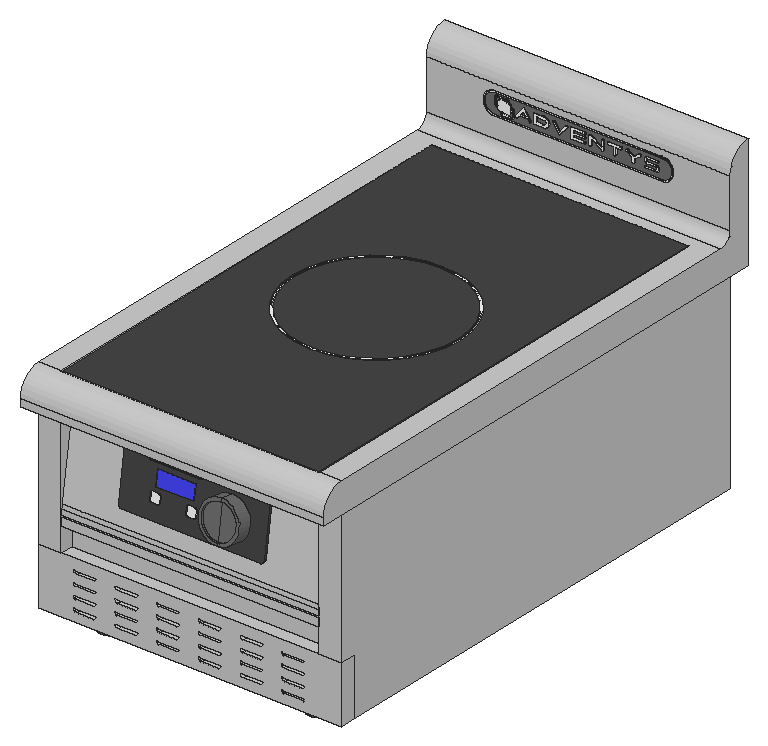
Revit family "QF_ADVENTYS_SK1I_3600_250903103104", category Specialty Equipment, Revit 2021
Family settings
  Round Connector Dimension = Use Diameter
  Part Type = Normal
  OmniClass Number = 23.40.40.14
  OmniClass Title = Food Service Equipment
  Work Plane-Based = No
  Always vertical = Yes
  Cut with Voids When Loaded = No
  Shared = No
  Room Calculation Point = No
Parameters (values of type "ADV2183")
  Weight in Pounds [instance] = 0
  Weight = 24.00 kg
  Warranty Start Date [instance] = ""
  Warranty Duration [instance] = ""
  Volts [instance] = 400 V
  URL Recommended Spares List = ""
  URL Manufacturer = ""
  URL Cutsheet = ""
  URL Critical Spares List = ""
  URL = "www.adventys.com"
  Tag Number [instance] = ""
  Status [instance] = ""
  Specification by User [instance] = ""
  Specification by Manufacturer [instance] = ""
  Sound Level [instance] = ""
  Solid Fuel Type [instance] = ""
  Service Life Duration [instance] = ""
  Serial Number [instance] = ""
  Seismic Rating [instance] = ""
  SMACNA No [instance] = ""
  Revision Code [instance] = ""
  Revision [instance] = ""
  Production Year [instance] = ""
  Point Load [instance] = 0
  Phase [instance] = 3
  Other Equipment Approvals [instance] = ""
  Number of Poles [instance] = 3
  NAFEM Spec ID Number [instance] = ""
  Model Warning [instance] = ""
  Model = "SK1I 3600"
  Min Ckt Ampacity [instance] = 0 A
  Max Overcurrent Protection [instance] = 10 A
  Masterspec [instance] = ""
  Manufacturer = "ADVENTYS"
  Length Actual = 400 mm
  Item Number [instance] = ""
  Installed By [instance] = ""
  Installation Date [instance] = ""
  Identify Quantity as Lot [instance] = no
  ID [instance] = ""
  Hygiene Approval [instance] = ""
  Hot Water Consumption = 0.0 L/s
  Height Actual = 310 mm
  HP power [instance] = ""
  Furnished By [instance] = ""
  Foodservice Equipment Identifier [instance] = no
  FL Amps [instance] = 5 A
  Electrical Remarks [instance] = "Plug not included"
  Electric power [instance] = 0 W
  Electric Connection Type [instance] = "Cord&Plug"
  Elec Conn RI Height [instance] = 0 mm
  Elec Conn Connection Height [instance] = 0 mm
  ETL Approved [instance] = no
  Description = "INDUCTION MODULE 1 ZONE"
  Depth Actual = 700 mm
  Default Elevation = 0 mm
  Cycle [instance] = 50 Hz
  Cost = 0
  Conn Plug [instance] = ""
  Conn Conduit [instance] = no
  CSI MasterFormat [instance] = ""
  CE Approved [instance] = no
  Barcode [instance] = 0
  Author [instance] = ""
  Asset Identifier [instance] = ""
  Apparent Power [instance] = 3600 VA
  Accessory = no
Reference planes
  plane 1 "Center (Front/Back)": y = 0
  plane 2: z = 0
  plane 3 "Center (Left/Right)": x = 0
Forms (mm)
  Extrusion 1, solid, not visible
    sketch origin (200.01, -32.002, 50.002) x (1, 0, 0) y (0, 1, 0)
      loop
        line (-2, 2) -> (-2, -2) -> (2, -2) -> (2, 2) -> (-2, 2)
    from -2 to 2
Dimensions and locks
  locked: Extrusion 1 to nested 2
  locked: nested 2 to Extrusion 1 at 2
  aligned and locked: level to plane 2
Nested families
  nested 1: "QF_ADVENTYS_ADV2183_2916" at (0, 0, 0), type "ADV2183"
    with Status "", Show Logo yes, Show Clearance yes
  nested 2: "CONN_POINT_ELE_2D___Generic_Annotation" at (200.01, -30.001, 50.002), type "CONN_POINT_ELE_2D___Generic_Annotation"
    with Onboard connection annotation symbol visibility yes
Connectors
  electrical at (200.01, -30.001, 50.002), driven by "Apparent Power", driven by "Number of Poles", driven by "Volts"
    settings: on Extrusion 1, index 1, voltage 400 V, apparent load 0 VA, apparent load phase1 3600 VA, apparent load phase2 0 VA, apparent load phase3 0 VA, power factor 1, load classification "Other", number of poles 3, system type 31, power factor state 1, is connector primary yes, connector utility no, sub classification motor no, connector description "Electrical connection for SK1I 3600"
Definition of nested family "QF_ADVENTYS_ADV2183_2916"
  Parameters (values of type "ADV2183")
    URL = "www.adventys.com"
    Status [instance] = ""
    Show Logo [instance] = yes
    Show Clearance [instance] = yes
    Model = "SK1I 3600"
    Manufacturer = "ADVENTYS"
    Description = "INDUCTION MODULE 1 ZONE"
    Default Elevation = 0 mm
    Author = "SPECIFI"
    Assembly Code = "E1090320"
  Reference planes
    plane 1 "Back": y = 0
    plane 2: z = 0
    plane 3 "Left": x = 0
    plane 4 "Right": x = 400
    plane 5 "Front": y = -700
    plane 6 "Top": z = 310
  Forms (mm)
    Extrusion 1, solid
      sketch origin (0, -550, -8.601) x (0, 1, 0) y (0, 0, 1)
        loop
          line (-150, 278.601) -> (550, 278.601) -> (550, 428.601)
          arc (550, 428.601) -> (528.787, 419.815) -> (520, 398.601) r 30
          line (520, 398.601) -> (520, 333.601)
          arc (520, 333.601) -> (515.607, 322.995) -> (505, 318.601) r 15
          line (505, 318.601) -> (-120, 318.601)
          arc (-120, 318.601) -> (-141.213, 309.815) -> (-150, 288.601) r 30
          line (-150, 288.601) -> (-150, 278.601)
      from 0 to 400
    Extrusion 2, solid, visible <- "Show Logo"
      sketch origin (66.717, 146.57, 781.431) x (1, 0, 0) y (0, 0, 1)
        loop
          arc (26.945, -405.612) -> (25.297, -406.294) -> (24.615, -407.942) r 2.329
          line (24.615, -407.942) -> (24.615, -413.701)
          arc (24.615, -413.701) -> (25.333, -415.383) -> (27.044, -416.028) r 2.329
          line (27.044, -416.028) -> (27.044, -411.667)
          arc (27.044, -411.667) -> (28.249, -409.269) -> (30.753, -408.302) r 3.727
          line (30.753, -408.302) -> (40.699, -408.302)
          arc (40.699, -408.302) -> (40.168, -406.427) -> (38.398, -405.612) r 2.329
          line (38.398, -405.612) -> (26.945, -405.612)
        loop
          arc (26.945, -404.215) -> (24.309, -405.306) -> (23.218, -407.942) r 3.727
          line (23.218, -407.942) -> (23.218, -413.701)
          arc (23.218, -413.701) -> (24.345, -416.371) -> (27.044, -417.427) r 3.727
          arc (27.044, -417.427) -> (27.999, -420.299) -> (30.77, -421.516) r 3.727
          arc (30.77, -421.516) -> (31.85, -424.173) -> (34.497, -425.277) r 3.727
          line (34.497, -425.277) -> (45.04, -425.277)
          arc (45.04, -425.277) -> (47.676, -424.185) -> (48.767, -421.55) r 3.727
          line (48.767, -421.55) -> (48.767, -416.154)
          arc (48.767, -416.154) -> (47.662, -413.505) -> (45.002, -412.427) r 3.727
          arc (45.002, -412.427) -> (44.322, -409.853) -> (42.098, -408.389) r 3.727
          arc (42.098, -408.389) -> (41.187, -405.47) -> (38.398, -404.215) r 3.727
          line (38.398, -404.215) -> (26.945, -404.215)
        loop
          arc (45.04, -423.879) -> (46.687, -423.197) -> (47.37, -421.55) r 2.329
          line (47.37, -421.55) -> (47.37, -416.154)
          arc (47.37, -416.154) -> (46.681, -414.501) -> (45.023, -413.825) r 2.329
          line (45.023, -413.825) -> (45.023, -417.789)
          arc (45.023, -417.789) -> (43.932, -420.424) -> (41.297, -421.516) r 3.727
          line (41.297, -421.516) -> (32.168, -421.516)
          arc (32.168, -421.516) -> (32.838, -423.185) -> (34.497, -423.879) r 2.329
          line (34.497, -423.879) -> (45.04, -423.879)
        loop
          arc (51.474, -419.149) -> (51.62, -421.006) -> (53.482, -420.957) r 1.353
          line (53.482, -420.957) -> (56.052, -418.386) -> (66.256, -418.386) -> (68.827, -420.957)
          arc (68.827, -420.957) -> (70.688, -421.006) -> (70.834, -419.149) r 1.353
          line (70.834, -419.149) -> (61.154, -407.195) -> (51.474, -419.149)
        loop
          line (61.154, -412) -> (57.878, -416.046) -> (64.43, -416.046) -> (61.154, -412)
        loop
          line (75.318, -407.422) -> (75.318, -421.177) -> (88.277, -421.177)
          arc (88.277, -421.177) -> (95.155, -414.299) -> (88.277, -407.422) r 6.877
          line (88.277, -407.422) -> (75.318, -407.422)
        loop
          line (88.277, -411.041) -> (78.937, -411.041) -> (78.937, -417.558) -> (88.277, -417.558)
          arc (88.277, -417.558) -> (91.536, -414.299) -> (88.277, -411.041) r 3.259
        loop
          arc (101.821, -408.219) -> (99.959, -408.171) -> (99.813, -410.027) r 1.353
          line (99.813, -410.027) -> (109.493, -421.981) -> (119.174, -410.027)
          arc (119.174, -410.027) -> (119.028, -408.171) -> (117.166, -408.219) r 1.353
          line (117.166, -408.219) -> (109.493, -417.694) -> (101.821, -408.219)
        loop
          line (142.076, -407.26) -> (123.764, -407.26) -> (123.764, -421.177) -> (142.076, -421.177)
          arc (142.076, -421.177) -> (143.489, -419.764) -> (142.076, -418.35) r 1.413
          line (142.076, -418.35) -> (126.938, -418.35) -> (126.938, -415.564) -> (142.076, -415.564)
          arc (142.076, -415.564) -> (143.355, -414.285) -> (142.076, -413.006) r 1.279
          line (142.076, -413.006) -> (126.938, -413.006) -> (126.938, -410.087) -> (142.076, -410.087)
          arc (142.076, -410.087) -> (143.489, -408.673) -> (142.076, -407.26) r 1.413
        loop
          line (147.746, -409.199) -> (147.746, -419.562)
          arc (147.746, -419.562) -> (149.249, -421.066) -> (150.753, -419.562) r 1.504
          line (150.753, -419.562) -> (150.753, -411.984) -> (164.154, -420.358)
          arc (164.154, -420.358) -> (166.328, -420.415) -> (167.432, -418.542) r 2.142
          line (167.432, -418.542) -> (167.432, -408.927)
          arc (167.432, -408.927) -> (165.846, -407.341) -> (164.26, -408.927) r 1.586
          line (164.26, -408.927) -> (164.26, -416.262) -> (150.507, -407.668)
          arc (150.507, -407.668) -> (148.676, -407.62) -> (147.746, -409.199) r 1.805
        loop
          arc (173.786, -407.529) -> (172.045, -409.271) -> (173.786, -411.012) r 1.741
          line (173.786, -411.012) -> (180.099, -411.012) -> (180.099, -418.888)
          arc (180.099, -418.888) -> (181.773, -420.563) -> (183.448, -418.888) r 1.675
          line (183.448, -418.888) -> (183.448, -411.012) -> (189.463, -411.012)
          arc (189.463, -411.012) -> (191.205, -409.271) -> (189.463, -407.529) r 1.741
          line (189.463, -407.529) -> (173.786, -407.529)
        loop
          line (206.15, -412.172) -> (199.243, -407.513)
          arc (199.243, -407.513) -> (196.903, -407.967) -> (197.358, -410.307) r 1.685
          line (197.358, -410.307) -> (204.265, -414.966) -> (204.265, -418.978)
          arc (204.265, -418.978) -> (206.15, -420.863) -> (208.035, -418.978) r 1.885
          line (208.035, -418.978) -> (208.035, -414.966) -> (214.942, -410.307)
          arc (214.942, -410.307) -> (215.397, -407.967) -> (213.057, -407.513) r 1.685
          line (213.057, -407.513) -> (206.15, -412.172)
        loop
          line (237.989, -407.529) -> (224.935, -407.529)
          arc (224.935, -407.529) -> (220.943, -411.522) -> (224.935, -415.515) r 3.993
          line (224.935, -415.515) -> (235.702, -415.515)
          arc (235.702, -415.515) -> (237.157, -416.969) -> (235.702, -418.424) r 1.455
          line (235.702, -418.424) -> (222.585, -418.424)
          arc (222.585, -418.424) -> (221.382, -419.627) -> (222.585, -420.83) r 1.203
          line (222.585, -420.83) -> (236.992, -420.83)
          arc (236.992, -420.83) -> (239.726, -416.462) -> (235.818, -413.103) r 3.953
          line (235.818, -413.103) -> (224.727, -413.103)
          arc (224.727, -413.103) -> (223.143, -411.519) -> (224.727, -409.936) r 1.584
          line (224.727, -409.936) -> (237.989, -409.936)
          arc (237.989, -409.936) -> (239.192, -408.732) -> (237.989, -407.529) r 1.203
        loop
          arc (22.934, -401.559) -> (9.66, -414.832) -> (22.934, -428.106) r 13.274
          line (22.934, -428.106) -> (243.631, -428.106)
          arc (243.631, -428.106) -> (256.905, -414.832) -> (243.631, -401.559) r 13.274
          line (243.631, -401.559) -> (22.934, -401.559)
        loop
          arc (22.934, -400.181) -> (8.283, -414.832) -> (22.934, -429.484) r 14.651
          line (22.934, -429.484) -> (243.631, -429.484)
          arc (243.631, -429.484) -> (258.283, -414.832) -> (243.631, -400.181) r 14.651
          line (243.631, -400.181) -> (22.934, -400.181)
      from 176.77 to 176.97
    Extrusion 3, solid, visible <- "Show Logo"
      sketch origin (66.717, -30.4, 781.431) x (1, 0, 0) y (0, 0, 1)
        loop
          arc (243.631, -429.484) -> (258.283, -414.832) -> (243.631, -400.181) r 14.651
          line (243.631, -400.181) -> (22.934, -400.181)
          arc (22.934, -400.181) -> (8.283, -414.832) -> (22.934, -429.484) r 14.651
          line (22.934, -429.484) -> (243.631, -429.484)
      from -0.2 to -0.4
    Extrusion 4, solid
      sketch origin (0, 0, 137.109) x (1, 0, 0) y (0, 1, 0)
        loop
          line (30, -670) -> (370, -670) -> (370, -60) -> (30, -60) -> (30, -670)
        loop
          circle (200, -363.107) r 110
        loop
          circle (200, -363.107) r 107.317
      from 167.891 to 172.891
    Extrusion 5, void
      sketch origin (0, 0, 0) x (1, 0, 0) y (0, 1, 0)
        loop
          line (370, -60) -> (30, -60) -> (30, -670) -> (370, -670) -> (370, -60)
      from 270 to 310
    Extrusion 6, solid
      sketch origin (0, -550, -8.601) x (0, -1, 0) y (0, 0, 1)
        loop
          line (-520, 278.601) -> (-520, 28.601) -> (100, 28.601) -> (100, 103.601) -> (120, 103.601) -> (120, 278.601) -> (-520, 278.601)
      from 0 to -30
    Extrusion 7, solid
      sketch origin (0, 0, 104) x (1, 0, 0) y (0, 1, 0)
        loop
          circle (200, -363.107) r 107.317
        loop
          circle (200, -363.107) r 110
      from 201 to 206
    Extrusion 8, solid
      sketch origin (370, -550, -8.601) x (0, -1, 0) y (0, 0, 1)
        loop
          line (-520, 278.601) -> (-520, 28.601) -> (100, 28.601) -> (100, 103.601) -> (120, 103.601) -> (120, 278.601) -> (-520, 278.601)
      from 0 to -30
    Extrusion 9, solid
      sketch origin (0, -550, 44.054) x (0, -1, 0) y (0, 0, 1)
        loop
          line (120, 93.601) -> (100, 93.601) -> (100, 50.946) -> (102, 50.946) -> (102, 91.579) -> (118, 91.579) -> (118, 83.601) -> (120, 83.601) -> (120, 93.601)
      from -370 to -30
    Extrusion 10, solid
      sketch origin (0, -550, -8.601) x (0, -1, 0) y (0, 0, 1)
        loop
          line (120, 148.757) -> (120, 155.573)
          arc (120, 155.573) -> (119.875, 158.747) -> (119.502, 161.902) r 40.459
          line (119.502, 161.902) -> (101.019, 278.601) -> (-520, 278.601) -> (-520, 28.601) -> (100, 28.601) -> (100, 148.757) -> (120, 148.757)
      from -370 to -30
    Extrusion 11, solid
      sketch origin (45, -464.968, 530.558) x (1, 0, 0) y (0, 0.156434, 0.987688)
        loop
          arc (246, -384.032) -> (249.536, -382.568) -> (251, -379.032) r 5
          line (251, -379.032) -> (251, -312.032)
          arc (251, -312.032) -> (249.536, -308.496) -> (246, -307.032) r 5
          line (246, -307.032) -> (64, -307.032)
          arc (64, -307.032) -> (60.464, -308.496) -> (59, -312.032) r 5
          line (59, -312.032) -> (59, -379.032)
          arc (59, -379.032) -> (60.464, -382.568) -> (64, -384.032) r 5
          line (64, -384.032) -> (246, -384.032)
        loop
          line (103.227, -325.532) -> (103.227, -345.532) -> (153.227, -345.532) -> (153.227, -325.532) -> (103.227, -325.532)
        loop
          arc (148.058, -351.749) -> (146.281, -352.485) -> (145.545, -354.262) r 2.513
          line (145.545, -354.262) -> (145.545, -361.802)
          arc (145.545, -361.802) -> (146.281, -363.579) -> (148.058, -364.315) r 2.513
          line (148.058, -364.315) -> (156.103, -364.315)
          arc (156.103, -364.315) -> (157.88, -363.579) -> (158.616, -361.802) r 2.513
          line (158.616, -361.802) -> (158.616, -354.262)
          arc (158.616, -354.262) -> (157.88, -352.485) -> (156.103, -351.749) r 2.513
          line (156.103, -351.749) -> (148.058, -351.749)
        loop
          line (108.395, -351.749) -> (100.35, -351.749)
          arc (100.35, -351.749) -> (98.573, -352.485) -> (97.837, -354.262) r 2.513
          line (97.837, -354.262) -> (97.837, -361.802)
          arc (97.837, -361.802) -> (98.573, -363.579) -> (100.35, -364.315) r 2.513
          line (100.35, -364.315) -> (108.395, -364.315)
          arc (108.395, -364.315) -> (110.172, -363.579) -> (110.909, -361.802) r 2.513
          line (110.909, -361.802) -> (110.909, -354.262)
          arc (110.909, -354.262) -> (110.172, -352.485) -> (108.395, -351.749) r 2.513
      from 143 to 145
    Extrusion 12, solid
      sketch origin (45, -464.968, 530.558) x (1, 0, 0) y (0, 0.156434, 0.987688)
        loop
          line (108.395, -351.749) -> (100.35, -351.749)
          arc (100.35, -351.749) -> (98.573, -352.485) -> (97.837, -354.262) r 2.513
          line (97.837, -354.262) -> (97.837, -361.802)
          arc (97.837, -361.802) -> (98.573, -363.579) -> (100.35, -364.315) r 2.513
          line (100.35, -364.315) -> (108.395, -364.315)
          arc (108.395, -364.315) -> (110.172, -363.579) -> (110.909, -361.802) r 2.513
          line (110.909, -361.802) -> (110.909, -354.262)
          arc (110.909, -354.262) -> (110.172, -352.485) -> (108.395, -351.749) r 2.513
        loop
          line (156.103, -351.749) -> (148.058, -351.749)
          arc (148.058, -351.749) -> (146.281, -352.485) -> (145.545, -354.262) r 2.513
          line (145.545, -354.262) -> (145.545, -361.802)
          arc (145.545, -361.802) -> (146.281, -363.579) -> (148.058, -364.315) r 2.513
          line (148.058, -364.315) -> (156.103, -364.315)
          arc (156.103, -364.315) -> (157.88, -363.579) -> (158.616, -361.802) r 2.513
          line (158.616, -361.802) -> (158.616, -354.262)
          arc (158.616, -354.262) -> (157.88, -352.485) -> (156.103, -351.749) r 2.513
      from 143 to 145
    Extrusion 13, solid
      sketch origin (65, -465.906, 524.632) x (1, 0, 0) y (0, 0.156434, 0.987688)
        loop
          line (83.227, -319.532) -> (83.227, -339.532) -> (133.227, -339.532) -> (133.227, -319.532) -> (83.227, -319.532)
      from 143 to 145
    Revolve 14, solid
      sketch origin (250, -468.414, 359.459) x (0, 0.156434, 0.987688) y (0, -0.987688, 0.156434)
        loop
          line (-176, 168.362) -> (-160.729, 168.362) -> (-160.729, 173.362) -> (-149.125, 173.362) -> (-149.125, 191.544) -> (-153.125, 191.544) -> (-153.125, 189.544) -> (-176, 189.544) -> (-176, 168.362)
        axis (-176, 191.544) -> (-176, 168.362)
      angle from 0 to 360
    Extrusion 15, solid
      sketch origin (2.404, -670, 20) x (1, 0, 0) y (0, 0, 1)
        loop
          line (-2.404, 75) -> (-2.404, 0) -> (397.596, 0) -> (397.596, 75) -> (-2.404, 75)
        loop
          arc (43.912, 61.172) -> (44.726, 58.129) -> (47.581, 56.797) r 3.726
          line (47.581, 56.797) -> (70.579, 56.797)
          arc (70.579, 56.797) -> (73.434, 58.129) -> (74.248, 61.172) r 3.726
          line (74.248, 61.172) -> (43.912, 61.172)
        loop
          arc (98.912, 61.172) -> (99.726, 58.129) -> (102.581, 56.797) r 3.726
          line (102.581, 56.797) -> (125.579, 56.797)
          arc (125.579, 56.797) -> (128.434, 58.129) -> (129.248, 61.172) r 3.726
          line (129.248, 61.172) -> (98.912, 61.172)
        loop
          arc (153.912, 61.172) -> (154.726, 58.129) -> (157.581, 56.797) r 3.726
          line (157.581, 56.797) -> (180.579, 56.797)
          arc (180.579, 56.797) -> (183.434, 58.129) -> (184.248, 61.172) r 3.726
          line (184.248, 61.172) -> (153.912, 61.172)
        loop
          arc (208.912, 61.172) -> (209.726, 58.129) -> (212.581, 56.797) r 3.726
          line (212.581, 56.797) -> (235.579, 56.797)
          arc (235.579, 56.797) -> (238.434, 58.129) -> (239.248, 61.172) r 3.726
          line (239.248, 61.172) -> (208.912, 61.172)
        loop
          arc (263.912, 61.172) -> (264.726, 58.129) -> (267.581, 56.797) r 3.726
          line (267.581, 56.797) -> (290.579, 56.797)
          arc (290.579, 56.797) -> (293.434, 58.129) -> (294.248, 61.172) r 3.726
          line (294.248, 61.172) -> (263.912, 61.172)
        loop
          arc (318.912, 61.172) -> (319.726, 58.129) -> (322.581, 56.797) r 3.726
          line (322.581, 56.797) -> (345.579, 56.797)
          arc (345.579, 56.797) -> (348.434, 58.129) -> (349.248, 61.172) r 3.726
          line (349.248, 61.172) -> (318.912, 61.172)
        loop
          arc (43.912, 46.172) -> (44.726, 43.129) -> (47.581, 41.797) r 3.726
          line (47.581, 41.797) -> (70.579, 41.797)
          arc (70.579, 41.797) -> (73.434, 43.129) -> (74.248, 46.172) r 3.726
          line (74.248, 46.172) -> (43.912, 46.172)
        loop
          arc (98.912, 46.172) -> (99.726, 43.129) -> (102.581, 41.797) r 3.726
          line (102.581, 41.797) -> (125.579, 41.797)
          arc (125.579, 41.797) -> (128.434, 43.129) -> (129.248, 46.172) r 3.726
          line (129.248, 46.172) -> (98.912, 46.172)
        loop
          arc (153.912, 46.172) -> (154.726, 43.129) -> (157.581, 41.797) r 3.726
          line (157.581, 41.797) -> (180.579, 41.797)
          arc (180.579, 41.797) -> (183.434, 43.129) -> (184.248, 46.172) r 3.726
          line (184.248, 46.172) -> (153.912, 46.172)
        loop
          arc (208.912, 46.172) -> (209.726, 43.129) -> (212.581, 41.797) r 3.726
          line (212.581, 41.797) -> (235.579, 41.797)
          arc (235.579, 41.797) -> (238.434, 43.129) -> (239.248, 46.172) r 3.726
          line (239.248, 46.172) -> (208.912, 46.172)
        loop
          arc (263.912, 46.172) -> (264.726, 43.129) -> (267.581, 41.797) r 3.726
          line (267.581, 41.797) -> (290.579, 41.797)
          arc (290.579, 41.797) -> (293.434, 43.129) -> (294.248, 46.172) r 3.726
          line (294.248, 46.172) -> (263.912, 46.172)
        loop
          arc (318.912, 46.172) -> (319.726, 43.129) -> (322.581, 41.797) r 3.726
          line (322.581, 41.797) -> (345.579, 41.797)
          arc (345.579, 41.797) -> (348.434, 43.129) -> (349.248, 46.172) r 3.726
          line (349.248, 46.172) -> (318.912, 46.172)
        loop
          arc (43.912, 31.172) -> (44.726, 28.129) -> (47.581, 26.797) r 3.726
          line (47.581, 26.797) -> (70.579, 26.797)
          arc (70.579, 26.797) -> (73.434, 28.129) -> (74.248, 31.172) r 3.726
          line (74.248, 31.172) -> (43.912, 31.172)
        loop
          arc (98.912, 31.172) -> (99.726, 28.129) -> (102.581, 26.797) r 3.726
          line (102.581, 26.797) -> (125.579, 26.797)
          arc (125.579, 26.797) -> (128.434, 28.129) -> (129.248, 31.172) r 3.726
          line (129.248, 31.172) -> (98.912, 31.172)
        loop
          arc (153.912, 31.172) -> (154.726, 28.129) -> (157.581, 26.797) r 3.726
          line (157.581, 26.797) -> (180.579, 26.797)
          arc (180.579, 26.797) -> (183.434, 28.129) -> (184.248, 31.172) r 3.726
          line (184.248, 31.172) -> (153.912, 31.172)
        loop
          arc (208.912, 31.172) -> (209.726, 28.129) -> (212.581, 26.797) r 3.726
          line (212.581, 26.797) -> (235.579, 26.797)
          arc (235.579, 26.797) -> (238.434, 28.129) -> (239.248, 31.172) r 3.726
          line (239.248, 31.172) -> (208.912, 31.172)
        loop
          arc (263.912, 31.172) -> (264.726, 28.129) -> (267.581, 26.797) r 3.726
          line (267.581, 26.797) -> (290.579, 26.797)
          arc (290.579, 26.797) -> (293.434, 28.129) -> (294.248, 31.172) r 3.726
          line (294.248, 31.172) -> (263.912, 31.172)
        loop
          arc (318.912, 31.172) -> (319.726, 28.129) -> (322.581, 26.797) r 3.726
          line (322.581, 26.797) -> (345.579, 26.797)
          arc (345.579, 26.797) -> (348.434, 28.129) -> (349.248, 31.172) r 3.726
          line (349.248, 31.172) -> (318.912, 31.172)
        loop
          arc (43.912, 16.172) -> (44.726, 13.129) -> (47.581, 11.797) r 3.726
          line (47.581, 11.797) -> (70.579, 11.797)
          arc (70.579, 11.797) -> (73.434, 13.129) -> (74.248, 16.172) r 3.726
          line (74.248, 16.172) -> (43.912, 16.172)
        loop
          arc (98.912, 16.172) -> (99.726, 13.129) -> (102.581, 11.797) r 3.726
          line (102.581, 11.797) -> (125.579, 11.797)
          arc (125.579, 11.797) -> (128.434, 13.129) -> (129.248, 16.172) r 3.726
          line (129.248, 16.172) -> (98.912, 16.172)
        loop
          arc (153.912, 16.172) -> (154.726, 13.129) -> (157.581, 11.797) r 3.726
          line (157.581, 11.797) -> (180.579, 11.797)
          arc (180.579, 11.797) -> (183.434, 13.129) -> (184.248, 16.172) r 3.726
          line (184.248, 16.172) -> (153.912, 16.172)
        loop
          arc (208.912, 16.172) -> (209.726, 13.129) -> (212.581, 11.797) r 3.726
          line (212.581, 11.797) -> (235.579, 11.797)
          arc (235.579, 11.797) -> (238.434, 13.129) -> (239.248, 16.172) r 3.726
          line (239.248, 16.172) -> (208.912, 16.172)
        loop
          arc (263.912, 16.172) -> (264.726, 13.129) -> (267.581, 11.797) r 3.726
          line (267.581, 11.797) -> (290.579, 11.797)
          arc (290.579, 11.797) -> (293.434, 13.129) -> (294.248, 16.172) r 3.726
          line (294.248, 16.172) -> (263.912, 16.172)
        loop
          arc (318.912, 16.172) -> (319.726, 13.129) -> (322.581, 11.797) r 3.726
          line (322.581, 11.797) -> (345.579, 11.797)
          arc (345.579, 11.797) -> (348.434, 13.129) -> (349.248, 16.172) r 3.726
          line (349.248, 16.172) -> (318.912, 16.172)
      from 0 to -20
    Extrusion 16, solid
      sketch origin (0, 0, 0) x (1, 0, 0) y (0, 1, 0)
        loop
          circle (62.664, -630) r 15
        loop
          circle (337.336, -630) r 15
        loop
          circle (62.664, -70) r 15
        loop
          circle (337.336, -70) r 15
      from 0 to 20
    Extrusion 17, solid
      sketch origin (52.57, -416.47, 633.674) x (1, 0, 0) y (0, 0.156434, 0.987688)
        loop
          arc (88.7, -421.254) -> (88.222, -421.452) -> (88.024, -421.93) r 0.676
          line (88.024, -421.93) -> (88.024, -423.602)
          arc (88.024, -423.602) -> (88.232, -424.091) -> (88.729, -424.278) r 0.676
          line (88.729, -424.278) -> (88.729, -423.012)
          arc (88.729, -423.012) -> (89.079, -422.316) -> (89.806, -422.035) r 1.082
          line (89.806, -422.035) -> (92.693, -422.035)
          arc (92.693, -422.035) -> (92.539, -421.491) -> (92.025, -421.254) r 0.676
          line (92.025, -421.254) -> (88.7, -421.254)
        loop
          arc (88.7, -420.848) -> (87.935, -421.165) -> (87.618, -421.93) r 1.082
          line (87.618, -421.93) -> (87.618, -423.602)
          arc (87.618, -423.602) -> (87.945, -424.378) -> (88.729, -424.684) r 1.082
          arc (88.729, -424.684) -> (89.006, -425.518) -> (89.811, -425.871) r 1.082
          arc (89.811, -425.871) -> (90.124, -426.642) -> (90.893, -426.963) r 1.082
          line (90.893, -426.963) -> (93.953, -426.963)
          arc (93.953, -426.963) -> (94.718, -426.646) -> (95.035, -425.881) r 1.082
          line (95.035, -425.881) -> (95.035, -424.315)
          arc (95.035, -424.315) -> (94.714, -423.546) -> (93.942, -423.233) r 1.082
          arc (93.942, -423.233) -> (93.745, -422.485) -> (93.099, -422.06) r 1.082
          arc (93.099, -422.06) -> (92.835, -421.213) -> (92.025, -420.848) r 1.082
          line (92.025, -420.848) -> (88.7, -420.848)
        loop
          arc (93.953, -426.557) -> (94.431, -426.359) -> (94.629, -425.881) r 0.676
          line (94.629, -425.881) -> (94.629, -424.315)
          arc (94.629, -424.315) -> (94.43, -423.835) -> (93.948, -423.638) r 0.676
          line (93.948, -423.638) -> (93.948, -424.789)
          arc (93.948, -424.789) -> (93.631, -425.554) -> (92.866, -425.871) r 1.082
          line (92.866, -425.871) -> (90.216, -425.871)
          arc (90.216, -425.871) -> (90.411, -426.355) -> (90.893, -426.557) r 0.676
          line (90.893, -426.557) -> (93.953, -426.557)
        loop
          arc (95.821, -425.184) -> (95.863, -425.723) -> (96.404, -425.709) r 0.393
          line (96.404, -425.709) -> (97.15, -424.963) -> (100.112, -424.963) -> (100.858, -425.709)
          arc (100.858, -425.709) -> (101.399, -425.723) -> (101.441, -425.184) r 0.393
          line (101.441, -425.184) -> (98.631, -421.714) -> (95.821, -425.184)
        loop
          line (98.631, -423.109) -> (97.68, -424.283) -> (99.582, -424.283) -> (98.631, -423.109)
        loop
          line (102.743, -421.78) -> (102.743, -425.773) -> (106.505, -425.773)
          arc (106.505, -425.773) -> (108.501, -423.776) -> (106.505, -421.78) r 1.997
          line (106.505, -421.78) -> (102.743, -421.78)
        loop
          line (106.505, -422.83) -> (103.793, -422.83) -> (103.793, -424.722) -> (106.505, -424.722)
          arc (106.505, -424.722) -> (107.451, -423.776) -> (106.505, -422.83) r 0.946
        loop
          arc (110.437, -422.011) -> (109.896, -421.997) -> (109.854, -422.536) r 0.393
          line (109.854, -422.536) -> (112.664, -426.006) -> (115.474, -422.536)
          arc (115.474, -422.536) -> (115.432, -421.997) -> (114.891, -422.011) r 0.393
          line (114.891, -422.011) -> (112.664, -424.762) -> (110.437, -422.011)
        loop
          line (122.122, -421.733) -> (116.807, -421.733) -> (116.807, -425.773) -> (122.122, -425.773)
          arc (122.122, -425.773) -> (122.533, -425.362) -> (122.122, -424.952) r 0.41
          line (122.122, -424.952) -> (117.728, -424.952) -> (117.728, -424.143) -> (122.122, -424.143)
          arc (122.122, -424.143) -> (122.494, -423.772) -> (122.122, -423.401) r 0.371
          line (122.122, -423.401) -> (117.728, -423.401) -> (117.728, -422.553) -> (122.122, -422.553)
          arc (122.122, -422.553) -> (122.533, -422.143) -> (122.122, -421.733) r 0.41
        loop
          line (123.768, -422.295) -> (123.768, -425.304)
          arc (123.768, -425.304) -> (124.205, -425.74) -> (124.641, -425.304) r 0.437
          line (124.641, -425.304) -> (124.641, -423.104) -> (128.532, -425.535)
          arc (128.532, -425.535) -> (129.163, -425.551) -> (129.483, -425.008) r 0.622
          line (129.483, -425.008) -> (129.483, -422.216)
          arc (129.483, -422.216) -> (129.023, -421.756) -> (128.563, -422.216) r 0.46
          line (128.563, -422.216) -> (128.563, -424.346) -> (124.57, -421.851)
          arc (124.57, -421.851) -> (124.038, -421.837) -> (123.768, -422.295) r 0.524
        loop
          arc (131.328, -421.811) -> (130.822, -422.316) -> (131.328, -422.822) r 0.506
          line (131.328, -422.822) -> (133.16, -422.822) -> (133.16, -425.108)
          arc (133.16, -425.108) -> (133.647, -425.594) -> (134.133, -425.108) r 0.486
          line (134.133, -425.108) -> (134.133, -422.822) -> (135.879, -422.822)
          arc (135.879, -422.822) -> (136.384, -422.316) -> (135.879, -421.811) r 0.506
          line (135.879, -421.811) -> (131.328, -421.811)
        loop
          line (140.723, -423.158) -> (138.718, -421.806)
          arc (138.718, -421.806) -> (138.039, -421.938) -> (138.171, -422.617) r 0.489
          line (138.171, -422.617) -> (140.176, -423.97) -> (140.176, -425.134)
          arc (140.176, -425.134) -> (140.723, -425.682) -> (141.27, -425.134) r 0.547
          line (141.27, -425.134) -> (141.27, -423.97) -> (143.275, -422.617)
          arc (143.275, -422.617) -> (143.407, -421.938) -> (142.728, -421.806) r 0.489
          line (142.728, -421.806) -> (140.723, -423.158)
        loop
          line (149.966, -421.811) -> (146.176, -421.811)
          arc (146.176, -421.811) -> (145.017, -422.97) -> (146.176, -424.129) r 1.159
          line (146.176, -424.129) -> (149.302, -424.129)
          arc (149.302, -424.129) -> (149.724, -424.551) -> (149.302, -424.973) r 0.422
          line (149.302, -424.973) -> (145.494, -424.973)
          arc (145.494, -424.973) -> (145.145, -425.323) -> (145.494, -425.672) r 0.349
          line (145.494, -425.672) -> (149.676, -425.672)
          arc (149.676, -425.672) -> (150.47, -424.404) -> (149.336, -423.429) r 1.147
          line (149.336, -423.429) -> (146.116, -423.429)
          arc (146.116, -423.429) -> (145.656, -422.969) -> (146.116, -422.509) r 0.46
          line (146.116, -422.509) -> (149.966, -422.509)
          arc (149.966, -422.509) -> (150.315, -422.16) -> (149.966, -421.811) r 0.349
        loop
          arc (87.536, -420.077) -> (83.683, -423.931) -> (87.536, -427.784) r 3.853
          line (87.536, -427.784) -> (151.604, -427.784)
          arc (151.604, -427.784) -> (155.457, -423.931) -> (151.604, -420.077) r 3.853
          line (151.604, -420.077) -> (87.536, -420.077)
        loop
          arc (87.536, -419.677) -> (83.283, -423.931) -> (87.536, -428.184) r 4.253
          line (87.536, -428.184) -> (151.604, -428.184)
          arc (151.604, -428.184) -> (155.857, -423.931) -> (151.604, -419.677) r 4.253
          line (151.604, -419.677) -> (87.536, -419.677)
      from 176.77 to 176.97
  Cuts and joins
    Extrusion 5 cuts Extrusion 1
  Lines and regions (mm)
    symbolic lines
      curve 1: line (400, -700, 0) -> (400, 0, 0)
      curve 2: line (400, 0, 0) -> (0, 0, 0)
      curve 3: line (0, 0, 0) -> (0, -700, 0)
      curve 4: line (400, -700, 0) -> (0, -700, 0)
      curve 5: line (400, -30, 0) -> (0, -30, 0)
      curve 6: line (370, -60, 0) -> (30, -60, 0)
      curve 7: line (370, -670, 0) -> (370, -60, 0)
      curve 8: line (30, -670, 0) -> (370, -670, 0)
      curve 9: line (30, -60, 0) -> (30, -670, 0)
      curve 10: arc (92.683, -363.107, 0) -> (200, -255.79, 0) -> (307.317, -363.107, 0) r 107.317
      curve 11: arc (310, -363.107, 0) -> (200, -253.107, 0) -> (90, -363.107, 0) r 110
      curve 12: arc (90, -363.107, 0) -> (200, -473.107, 0) -> (310, -363.107, 0) r 110
      curve 13: arc (307.317, -363.107, 0) -> (200, -470.424, 0) -> (92.683, -363.107, 0) r 107.317
  Dimensions and locks
    plane 3 "Left" to plane 4 "Right" = 400 mm
    plane 5 "Front" to plane 1 "Back" = 700 mm
    plane 6 "Top" to level = 310 mm  (x2)
    aligned and locked: level to plane 2
Definition of nested family "CONN_POINT_ELE_2D___Generic_Annotation"
  Parameters (values of type "CONN_POINT_ELE_2D___Generic_Annotation")
    Onboard connection annotation symbol visibility [instance] = yes
  Reference planes
    plane 1: y = 0
    plane 2: x = 0
  Lines and regions (mm)
    detail lines, visible <- "Onboard connection annotation symbol visibility"
      curve 1: circle (0, 0, 0) r 0.5 normal (0, 0, 1)
      curve 2: line (-1, 0, 0) -> (1, 0, 0)
      curve 3: line (0, 1, 0) -> (0, -1, 0)
      curve 4: line (2.5, 1, 0) -> (1.25, 1, 0)
      curve 5: line (1.25, 1, 0) -> (1.25, -1, 0)
      curve 6: line (1.25, -1, 0) -> (2.5, -1, 0)
      curve 7: line (1.25, 0, 0) -> (2, 0, 0)
